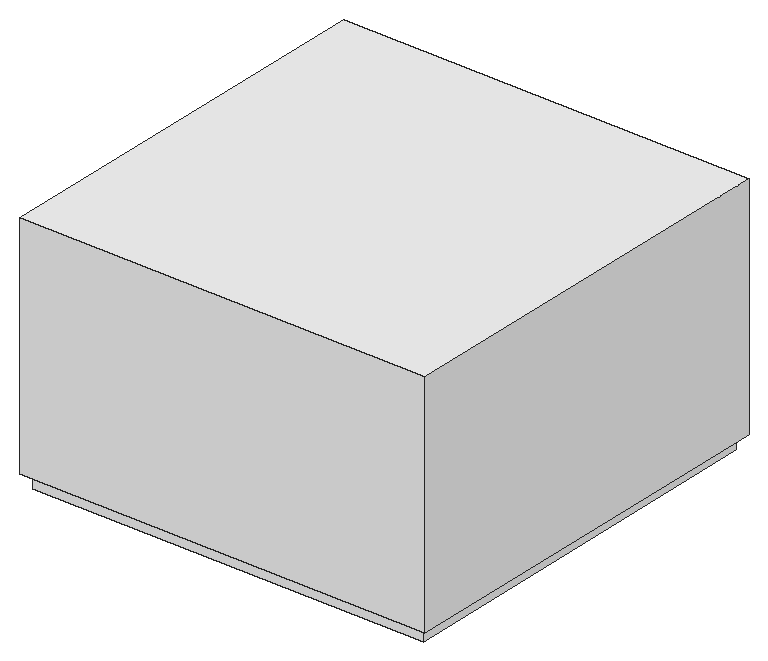
Revit family
Parameters
  URL = "http://www.martinbrattrud.com"
  SCS Certified Product = "Yes"
  Model = "Cor-Bitz 741-30S"
  Manufacturer = "Martin Brattrud, Inc."
  Foot [instance] = none
  Keynote = "125000"
  Copyright = "© 2013 Martin Brattrud, Inc."
  Table [instance] = none
  Authoring Version = "Revit Architecture 2010"
  Assembly Code = "E2020200"
Reference planes (in)
  plane 1 "Center Front/Back": y = 0
  plane 2: z = 0
  plane 3 "Center Left/Right": x = 0
Forms (in)
  Extrusion 1, solid, material <- "Table"
    sketch origin (0, 0, 0) x (1, 0, 0) y (0, 1, 0)
      loop
        line (-15, 15) -> (-15, -15) -> (15, -15) -> (15, 15) -> (-15, 15)
    from 1.25 to 18.25
  Extrusion 2, solid, material <- "Foot"
    sketch origin (0, 0, 0) x (1, 0, 0) y (0, 1, 0)
      loop
        line (-14.5, 14.5) -> (-14.5, -14.5) -> (14.5, -14.5) -> (14.5, 14.5) -> (-14.5, 14.5)
    from 0.25 to 1.25
  Revolve 3, solid, material <- "Foot"
    sketch origin (13.125, 13.17487, 0) x (-1, 0, 0) y (0, 0, -1)
      loop
        arc (-0.2498, 0) -> (-0.33833, -0.03667) -> (-0.375, -0.1252) r 0.1252
        line (-0.375, -0.1252) -> (-0.375, -0.25) -> (0, -0.25) -> (0, 0) -> (-0.2498, 0)
      axis (0, -0.25) -> (0, 0)
    angle from 0 to 360
  Revolve 4, solid, material <- "Foot"
    sketch origin (-13.125, 13.17487, 0) x (-1, 0, 0) y (0, 0, -1)
      loop
        arc (-0.2498, 0) -> (-0.33833, -0.03667) -> (-0.375, -0.1252) r 0.1252
        line (-0.375, -0.1252) -> (-0.375, -0.25) -> (0, -0.25) -> (0, 0) -> (-0.2498, 0)
      axis (0, -0.25) -> (0, 0)
    angle from 0 to 360
  Revolve 5, solid, material <- "Foot"
    sketch origin (13.125, -13.125, 0) x (-1, 0, 0) y (0, 0, -1)
      loop
        arc (-0.2498, 0) -> (-0.33833, -0.03667) -> (-0.375, -0.1252) r 0.1252
        line (-0.375, -0.1252) -> (-0.375, -0.25) -> (0, -0.25) -> (0, 0) -> (-0.2498, 0)
      axis (0, -0.25) -> (0, 0)
    angle from 0 to 360
  Revolve 6, solid, material <- "Foot"
    sketch origin (-13.125, -13.125, 0) x (-1, 0, 0) y (0, 0, -1)
      loop
        arc (-0.2498, 0) -> (-0.33833, -0.03667) -> (-0.375, -0.1252) r 0.1252
        line (-0.375, -0.1252) -> (-0.375, -0.25) -> (0, -0.25) -> (0, 0) -> (-0.2498, 0)
      axis (0, -0.25) -> (0, 0)
    angle from 0 to 360
